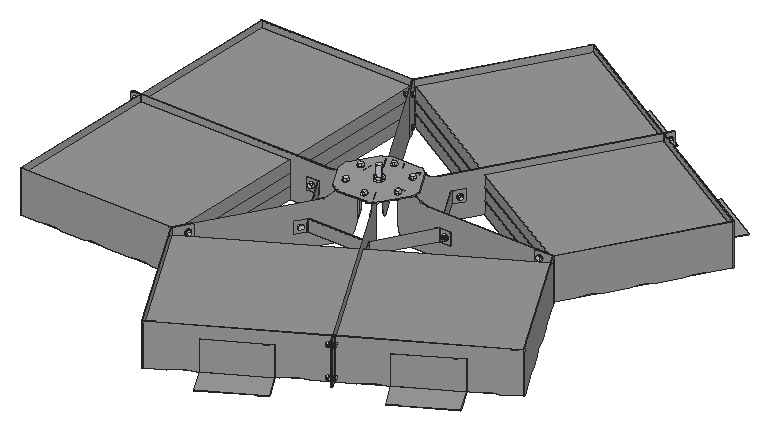
Revit family "ROTHOB_Rothoblaas_FallProtection_BLOCK", category Specialty Equipment, host Face, Revit 2022 (continued)
Definition of nested family "ROTHOB_Rothoblaas_FallProtection_BLOCK_Connection"
  Forms (mm)
    Sweep 6, solid, material <- "Material", detail levels fine
      profile origin (-103.69, -175.097, 70) x (-0.866025, 0.5, 0) y (-0.5, -0.866025, 0)
        loop
          line (0, 0) -> (-1.508, 0)
          arc (-1.508, 0) -> (-1.251, -1.235) -> (-0.403, -2.168) r 2.396
          line (-0.403, -2.168) -> (0.349, -0.866)
          arc (0.349, -0.866) -> (0.053, -0.482) -> (0, 0) r 0.896
  Cuts and joins
    joined: Extrusion 2, Extrusion 3, Sweep 5, Sweep 6
  Lines and regions (mm)
    model lines, detail levels coarse+medium
      curve 1: line (-119.169, -204.907, 90) -> (-101.626, -174.521, 90)
      curve 2: line (-101.626, -174.521, 50) -> (-119.169, -204.907, 50)
      curve 3: arc (-119.169, -204.907, 50) -> (-120.937, -207.969, 51.464) -> (-121.669, -209.238, 55) r 5
      curve 4: line (-121.669, -209.238, 55) -> (-121.669, -209.238, 85)
      curve 5: arc (-121.669, -209.238, 85) -> (-120.937, -207.969, 88.536) -> (-119.169, -204.907, 90) r 5
      curve 6: arc (-110.419, -189.752, 70) -> (-112.669, -193.649, 65.5) -> (-114.919, -197.546, 70) r 4.5
      curve 7: arc (-114.919, -197.546, 70) -> (-112.669, -193.649, 74.5) -> (-110.419, -189.752, 70) r 4.5
      curve 8: line (-101.626, -174.521, 90) -> (-201.952, -0.75, 90)
      curve 9: line (-201.952, -0.75, 50) -> (-101.626, -174.521, 50)
      curve 10: line (-241.954, -0.75, 85) -> (-241.954, -0.75, 55)
      curve 11: arc (-241.954, -0.75, 55) -> (-240.49, -0.75, 51.464) -> (-236.954, -0.75, 50) r 5
      curve 12: line (-236.954, -0.75, 50) -> (-201.952, -0.75, 50)
      curve 13: line (-201.952, -0.75, 90) -> (-236.954, -0.75, 90)
      curve 14: arc (-236.954, -0.75, 90) -> (-240.49, -0.75, 88.536) -> (-241.954, -0.75, 85) r 5
      curve 15: arc (-228.454, -0.75, 70) -> (-223.954, -0.75, 65.5) -> (-219.454, -0.75, 70) r 4.5
      curve 16: arc (-219.454, -0.75, 70) -> (-223.954, -0.75, 74.5) -> (-228.454, -0.75, 70) r 4.5
      curve 19: line (-101.626, -174.521, 50) -> (-101.626, -174.521, 90)
      curve 20: line (-201.952, -0.75, 50) -> (-201.952, -0.75, 90)
    sketch lines
      curve 17: line (-203.398, -2.25, 50) -> (-203.398, -2.25, 90)
      curve 18: line (-103.69, -175.097, 90) -> (-103.69, -175.097, 50)
  Dimensions and locks
    plane 11 to level = 50.00 mm
    plane 12 to plane 11 = 40.00 mm
    equal spacing: plane 12, plane 13, plane 11
    "D holes": diameter of Extrusion 2 sketch curve
    "D holes": diameter of Extrusion 4 sketch curve
    aligned and locked: plane 2 to Extrusion 1
    aligned and locked: level to Extrusion 1
    aligned and locked: Extrusion 2 to plane 5 "Long strut"
    aligned and locked: plane 8 to Extrusion 2
    aligned and locked: Extrusion 3 to plane 7 "Connection plane"
    aligned and locked: plane 9 to Extrusion 3
    aligned and locked: Extrusion 4 to plane 6 "Short strut"
    aligned and locked: plane 10 to Extrusion 4
    aligned and locked: plane 15 to Extrusion 2 sketch curve
    aligned and locked: plane 13 to Extrusion 2 sketch curve
    aligned and locked: plane 14 to Extrusion 4 sketch curve
    aligned and locked: plane 13 to Extrusion 4 sketch curve
  Automatic sketch dimensions
    Extrusion 1 sketch curve to Extrusion 1 sketch curve = 2438.40 mm  (x2)
    Extrusion 3 sketch curve to plane 12 = 0.00 mm
    Extrusion 3 sketch curve to plane 11 = 0.00 mm
    Extrusion 3 sketch curve to Extrusion 3 sketch curve = 197.945 mm
    plane 13 to curve 7 = 0.00 mm
    curve 7 to plane 14 = 0.00 mm
    curve 2 to plane 14 = 22.087 mm
    curve 5 to plane 12 = 5.00 mm
    plane 14 to curve 5 = 13.00 mm
    curve 2 to curve 3 = 5.00 mm
    curve 6 to curve 6 = 4.50 mm
    curve 12 to plane 11 = 0.00 mm
    curve 15 to plane 13 = 0.00 mm
    curve 16 to plane 15 = 0.00 mm
    curve 13 to plane 15 = 13.00 mm
    plane 11 to curve 11 = 5.00 mm
    curve 11 to plane 15 = 13.00 mm
    curve 16 to plane 15 = 4.50 mm
    Sweep 5 sketch curve to profile plane = 0.00 mm  (x2)
    profile plane to Sweep 5 sketch curve = 0.009 mm
    Sweep 5 sketch curve to profile plane = 0.988 mm
    profile plane to Sweep 5 sketch curve = 0.254 mm
    Sweep 5 sketch curve to profile plane = 0.496 mm
    Sweep 5 sketch curve to Sweep 5 sketch curve = 1.299 mm
    Sweep 5 sketch curve to Sweep 5 sketch curve = 0.00 mm  (x2)
    Sweep 6 sketch curve to profile plane = 0.00 mm  (x2)
    profile plane to Sweep 6 sketch curve = 0.147 mm
    profile plane to Sweep 6 sketch curve = 0.883 mm
    Sweep 6 sketch curve to profile plane = 0.403 mm
    profile plane to Sweep 6 sketch curve = 0.349 mm
    Sweep 6 sketch curve to Sweep 6 sketch curve = 1.302 mm
    Sweep 6 sketch curve to Sweep 6 sketch curve = 0.00 mm  (x2)
    curve 13 to plane 12 = 0.00 mm
    plane 15 to curve 12 = 22.002 mm
    plane 15 to curve 13 = 22.002 mm
    plane 11 to curve 3 = 0.00 mm
    plane 12 to curve 1 = 0.00 mm
    curve 1 to plane 14 = 22.087 mm
    curve 20 to plane 11 = 0.00 mm
    curve 20 to plane 12 = 0.00 mm
    curve 20 to curve 8 = 200.653 mm
    Extrusion 2 sketch curve to plane 11 = 0.00 mm
    Extrusion 2 sketch curve to plane 12 = 0.00 mm
    Extrusion 2 sketch curve to plane 15 = 13.00 mm  (x2)
    plane 11 to Extrusion 2 sketch curve = 5.00 mm
    plane 15 to Extrusion 2 sketch curve = 20.557 mm
    plane 11 to Extrusion 4 sketch curve = 0.00 mm
    plane 12 to Extrusion 4 sketch curve = 0.00 mm
    Extrusion 4 sketch curve to plane 14 = 20.557 mm
    plane 14 to Extrusion 4 sketch curve = 13.00 mm  (x2)
    Extrusion 4 sketch curve to plane 12 = 5.00 mm
  Nested families
    nested 1: "Generic Bolt with flange_M8" at (-223.954, -2.25, 70) x (1, 0, 0) z (0, -1, 0), type "M8_L20", detail levels fine
      with Fastening_Lenght 4.50 mm
  Definition of nested family "Generic Bolt with flange_M8"
    Parameters (values of type "M8_L20")
      Nut_h = 3.50 mm
      Nut_Mf = 3.00 mm
      Nut_M = 7.60 mm
      Nut = yes
      Material = none
      Fastening_Lenght [instance] = 4.50 mm
      Default Elevation = 1219.20 mm
      Bolt_Lenght = 20.00 mm
      Bolt_Head_h = 2.00 mm
      Bolt_Head_X = 13.00 mm
      Bolt_Head_H = 8.10 mm
      Bolt_Head_D = 18.00 mm
      Bolt_D = 8.00 mm
    Reference planes
      plane 1 "Center (Front/Back)": y = 0
      plane 2: z = 0
      plane 3 "Center (Left/Right)": x = 0
      plane 4: x = -6.5
      plane 5: x = 6.5
      plane 6: z = 2
      plane 7: z = 8.1
      plane 8: x = -9
      plane 9: x = 9
      plane 10: z = -20
      plane 11: z = -7.5
      plane 12: z = -4.5
      plane 13: z = -12.1
      plane 14: z = -15.6
    Forms (mm)
      Extrusion 1, solid
        sketch origin (0, 0, 0) x (1, 0, 0) y (0, 1, 0)
          loop
            line (-1219.2, 1219.2) -> (-1219.2, -1219.2) -> (1219.2, -1219.2) -> (1219.2, 1219.2) -> (-1219.2, 1219.2)
        from 0 to -304.8
      Extrusion 2, solid, material <- "Material"
        sketch origin (0, 0, 0) x (1, 0, 0) y (0, 1, 0)
          loop
            line (6.5, 3.753) -> (0, 7.506) -> (-6.5, 3.753) -> (-6.5, -3.753) -> (0, -7.506) -> (6.5, -3.753) -> (6.5, 3.753)
        from 0 to 8.1
      Revolve 3, solid, material <- "Material"
        sketch origin (0, 0, 0) x (1, 0, 0) y (0, 0, 1)
          loop
            line (0, 0) -> (9, 0) -> (6.5, 2) -> (0, 2) -> (0, 0)
          axis (0, 0) -> (0, 2)
        angle from 0 to 360
      Extrusion 4, solid, material <- "Material"
        sketch origin (0, 0, 0) x (1, 0, 0) y (0, 1, 0)
          loop
            circle (0, 0) r 4
        from -20 to 0
      Extrusion 5, solid, material <- "Material", visible <- "Nut"
        sketch origin (0, 0, 0) x (1, 0, 0) y (0, 1, 0)
          loop
            line (6.5, 3.753) -> (0, 7.506) -> (-6.5, 3.753) -> (-6.5, -3.753) -> (0, -7.506) -> (6.5, -3.753) -> (6.5, 3.753)
          loop
            circle (0, 0) r 4
        from -12.1 to -4.5
      Revolve 6, solid, material <- "Material", visible <- "Nut"
        sketch origin (0, 0, 0) x (1, 0, 0) y (0, 0, 1)
          loop
            line (0, -7.5) -> (6.5, -7.5) -> (9, -4.5) -> (0, -4.5) -> (0, -7.5)
          axis (0, -7.5) -> (0, -4.5)
        angle from 0 to 360
      Extrusion 7, solid, material <- "Material", visible <- "Nut"
        sketch origin (0, 0, 0) x (1, 0, 0) y (0, 1, 0)
          loop
            circle (0, 0) r 6.5
          loop
            circle (0, 0) r 4
        from -15.6 to -12.1
    Cuts and joins
      joined: Extrusion 2, Revolve 3
      joined: Extrusion 5, Revolve 6
    Dimensions and locks
      equal spacing: plane 4, plane 3 "Center (Left/Right)", plane 5
      "Bolt_Head_X": plane 4 to plane 5
      "Bolt_Head_h": plane 6 to level
      "Bolt_Head_H": plane 7 to level
      equal spacing: plane 8, plane 3 "Center (Left/Right)", plane 9
      "Bolt_Head_D": plane 8 to plane 9
      "Bolt_Lenght": level to plane 10
      "Nut_M": plane 12 to plane 13
      "Nut_h": plane 13 to plane 14
      "Nut_Mf": plane 12 to plane 11
      "Fastening_Lenght": level to plane 12
      "Bolt_D": diameter of Extrusion 4 sketch curve
      "Bolt_D": diameter of Extrusion 5 sketch curve
      "Bolt_D": diameter of Extrusion 7 sketch curve
      "Bolt_Head_X": diameter of Extrusion 7 sketch curve
      aligned and locked: plane 2 to Extrusion 1
      aligned and locked: level to Extrusion 1
      aligned and locked: Extrusion 2 to level
      aligned and locked: plane 7 to Extrusion 2
      aligned and locked: plane 3 "Center (Left/Right)" to Revolve 3 sketch curve
      aligned and locked: Revolve 3 sketch curve to plane 3 "Center (Left/Right)"
      aligned and locked: plane 6 to Revolve 3 sketch curve
      aligned and locked: Revolve 3 sketch curve to level
      aligned and locked: plane 9 to Revolve 3 sketch curve
      aligned and locked: plane 5 to Revolve 3 sketch curve
      aligned and locked: plane 3 "Center (Left/Right)" to Extrusion 4 sketch curve
      aligned and locked: plane 1 "Center (Front/Back)" to Extrusion 4 sketch curve
      aligned and locked: level to Extrusion 4
      aligned and locked: Extrusion 4 to plane 10
      aligned and locked: plane 12 to Extrusion 5
      aligned and locked: Extrusion 5 to plane 13
      aligned and locked: plane 3 "Center (Left/Right)" to Extrusion 5 sketch curve
      aligned and locked: plane 1 "Center (Front/Back)" to Extrusion 5 sketch curve
      aligned and locked: plane 3 "Center (Left/Right)" to Revolve 6 sketch curve
      aligned and locked: Revolve 6 sketch curve to plane 3 "Center (Left/Right)"
      aligned and locked: plane 12 to Revolve 6 sketch curve
      aligned and locked: Revolve 6 sketch curve to plane 11
      aligned and locked: plane 5 to Revolve 6 sketch curve
      aligned and locked: plane 9 to Revolve 6 sketch curve
      aligned and locked: plane 3 "Center (Left/Right)" to Extrusion 7 sketch curve  (x2)
      aligned and locked: plane 1 "Center (Front/Back)" to Extrusion 7 sketch curve  (x2)
      aligned and locked: plane 13 to Extrusion 7
      aligned and locked: Extrusion 7 to plane 14
    Automatic sketch dimensions
      Extrusion 1 sketch curve to Extrusion 1 sketch curve = 2438.40 mm  (x2)
      plane 10 to Revolve 3 sketch curve = 7.97 mm
      plane 7 to Revolve 3 sketch curve = 4.87 mm
      Revolve 6 sketch curve to plane 10 = 2.726 mm
      plane 12 to Revolve 6 sketch curve = 1.045 mm
      Extrusion 5 sketch curve to plane 4 = 0.00 mm
      Extrusion 5 sketch curve to plane 3 "Center (Left/Right)" = 0.00 mm  (x2)
      Extrusion 5 sketch curve to plane 5 = 0.00 mm
      plane 1 "Center (Front/Back)" to Extrusion 5 sketch curve = 3.753 mm  (x2)
      Extrusion 5 sketch curve to Extrusion 5 sketch curve = 3.753 mm
      Extrusion 5 sketch curve to plane 1 "Center (Front/Back)" = 3.753 mm  (x2)
      Extrusion 5 sketch curve to plane 1 "Center (Front/Back)" = 7.506 mm
Definition of nested family "ROTHOB_Rothoblaas_FallProtection_BLOCK_MainPlate"
  Parameters (values of type "ROTHOB_Rothoblaas_FallProtection_BLOCK_MainPlate")
    Material = none
    MainPlate_Thickness = 3.00 mm
    Default Elevation = 1219.20 mm
    D external holes = 9.00 mm
    D central hole = 17.00 mm
  Reference planes
    plane 1 "Center (Front/Back)": y = 0
    plane 2: z = 0
    plane 3 "Center (Left/Right)": x = 0
    plane 4: z = 3
    plane 5: x = -18.491
    plane 6: y = 86.035
    plane 7: x = -83.754
    plane 8: y = 27.004
    plane 9: x = -65.263
    plane 10: y = -59.032
    plane 11: x = 18.491
    plane 12: y = -86.035
    plane 13: x = 83.754
    plane 14: y = -27.004
    plane 15: x = 65.263
    plane 16: y = 59.032
  Forms (mm)
    Extrusion 1, solid
      sketch origin (0, 0, 0) x (1, 0, 0) y (0, 1, 0)
        loop
          line (-1219.2, 1219.2) -> (-1219.2, -1219.2) -> (1219.2, -1219.2) -> (1219.2, 1219.2) -> (-1219.2, 1219.2)
      from 0 to -304.8
    Extrusion 2, solid, material <- "Material", detail levels fine
      sketch origin (0, 0, 0) x (1, 0, 0) y (0, 1, 0)
        loop
          line (76.141, -98.12) -> (123.045, -16.88)
          arc (123.045, -16.88) -> (123.897, -14.964) -> (124.331, -12.913) r 10
          arc (124.331, -12.913) -> (125, 0) -> (124.331, 12.913) r 125
          arc (124.331, 12.913) -> (123.897, 14.964) -> (123.045, 16.88) r 10
          line (123.045, 16.88) -> (76.141, 98.12)
          arc (76.141, 98.12) -> (74.908, 99.816) -> (73.348, 101.218) r 10
          arc (73.348, 101.218) -> (62.5, 108.253) -> (50.983, 114.13) r 125
          arc (50.983, 114.13) -> (48.989, 114.78) -> (46.904, 115) r 10
          line (46.904, 115) -> (-46.904, 115)
          arc (-46.904, 115) -> (-48.989, 114.78) -> (-50.983, 114.13) r 10
          arc (-50.983, 114.13) -> (-62.5, 108.253) -> (-73.348, 101.218) r 125
          arc (-73.348, 101.218) -> (-74.908, 99.816) -> (-76.141, 98.12) r 10
          line (-76.141, 98.12) -> (-123.045, 16.88)
          arc (-123.045, 16.88) -> (-123.897, 14.964) -> (-124.331, 12.913) r 10
          arc (-124.331, 12.913) -> (-125, 0) -> (-124.331, -12.913) r 125
          arc (-124.331, -12.913) -> (-123.897, -14.964) -> (-123.045, -16.88) r 10
          line (-123.045, -16.88) -> (-76.141, -98.12)
          arc (-76.141, -98.12) -> (-74.908, -99.816) -> (-73.348, -101.218) r 10
          arc (-73.348, -101.218) -> (-62.5, -108.253) -> (-50.983, -114.13) r 125
          arc (-50.983, -114.13) -> (-48.989, -114.78) -> (-46.904, -115) r 10
          line (-46.904, -115) -> (46.904, -115)
          arc (46.904, -115) -> (48.989, -114.78) -> (50.983, -114.13) r 10
          arc (50.983, -114.13) -> (62.5, -108.253) -> (73.348, -101.218) r 125
          arc (73.348, -101.218) -> (74.908, -99.816) -> (76.141, -98.12) r 10
        loop
          circle (0, 0) r 8.5
        loop
          circle (-18.491, 86.035) r 4.5
        loop
          circle (-83.754, 27.004) r 4.5
        loop
          circle (65.263, 59.032) r 4.5
        loop
          circle (83.754, -27.004) r 4.5
        loop
          circle (18.491, -86.035) r 4.5
        loop
          circle (-65.263, -59.032) r 4.5
      from 0 to 3
  Lines and regions (mm)
    model lines, detail levels coarse+medium
      curve 1: arc (-18.491, 90.535, 0) -> (-22.991, 86.035, 0) -> (-18.491, 81.535, 0) r 4.5
      curve 2: arc (-18.491, 81.535, 0) -> (-13.991, 86.035, 0) -> (-18.491, 90.535, 0) r 4.5
      curve 3: arc (65.263, 63.532, 0) -> (60.763, 59.032, 0) -> (65.263, 54.532, 0) r 4.5
      curve 4: arc (65.263, 54.532, 0) -> (69.763, 59.032, 0) -> (65.263, 63.532, 0) r 4.5
      curve 5: arc (83.754, -22.504, 0) -> (79.254, -27.004, 0) -> (83.754, -31.504, 0) r 4.5
      curve 6: arc (83.754, -31.504, 0) -> (88.254, -27.004, 0) -> (83.754, -22.504, 0) r 4.5
      curve 7: arc (18.491, -81.535, 0) -> (13.991, -86.035, 0) -> (18.491, -90.535, 0) r 4.5
      curve 8: arc (18.491, -90.535, 0) -> (22.991, -86.035, 0) -> (18.491, -81.535, 0) r 4.5
      curve 9: arc (-65.263, -54.532, 0) -> (-69.763, -59.032, 0) -> (-65.263, -63.532, 0) r 4.5
      curve 10: arc (-65.263, -63.532, 0) -> (-60.763, -59.032, 0) -> (-65.263, -54.532, 0) r 4.5
      curve 11: arc (-83.754, 31.504, 0) -> (-88.254, 27.004, 0) -> (-83.754, 22.504, 0) r 4.5
      curve 12: arc (-83.754, 22.504, 0) -> (-79.254, 27.004, 0) -> (-83.754, 31.504, 0) r 4.5
      curve 13: arc (0, 8.5, 0) -> (-8.5, 0, 0) -> (0, -8.5, 0) r 8.5
      curve 14: arc (0, -8.5, 0) -> (8.5, 0, 0) -> (0, 8.5, 0) r 8.5
      curve 15: line (-76.141, 98.12, 0) -> (-123.045, 16.88, 0)
      curve 16: arc (-123.045, 16.88, 0) -> (-123.897, 14.964, 0) -> (-124.331, 12.913, 0) r 10
      curve 17: arc (-124.331, 12.913, 0) -> (-125, 0, 0) -> (-124.331, -12.913, 0) r 125
      curve 18: arc (-124.331, -12.913, 0) -> (-123.897, -14.964, 0) -> (-123.045, -16.88, 0) r 10
      curve 19: line (-123.045, -16.88, 0) -> (-76.141, -98.12, 0)
      curve 20: arc (-76.141, -98.12, 0) -> (-74.908, -99.816, 0) -> (-73.348, -101.218, 0) r 10
      curve 21: arc (-73.348, -101.218, 0) -> (-62.5, -108.253, 0) -> (-50.983, -114.13, 0) r 125
      curve 22: arc (-50.983, -114.13, 0) -> (-48.989, -114.78, 0) -> (-46.904, -115, 0) r 10
      curve 23: line (-46.904, -115, 0) -> (46.904, -115, 0)
      curve 24: arc (46.904, -115, 0) -> (48.989, -114.78, 0) -> (50.983, -114.13, 0) r 10
      curve 25: arc (50.983, -114.13, 0) -> (62.5, -108.253, 0) -> (73.348, -101.218, 0) r 125
      curve 26: arc (73.348, -101.218, 0) -> (74.908, -99.816, 0) -> (76.141, -98.12, 0) r 10
      curve 27: line (76.141, -98.12, 0) -> (123.045, -16.88, 0)
      curve 28: arc (123.045, -16.88, 0) -> (123.897, -14.964, 0) -> (124.331, -12.913, 0) r 10
      curve 29: arc (124.331, -12.913, 0) -> (125, 0, 0) -> (124.331, 12.913, 0) r 125
      curve 30: arc (124.331, 12.913, 0) -> (123.897, 14.964, 0) -> (123.045, 16.88, 0) r 10
      curve 31: line (123.045, 16.88, 0) -> (76.141, 98.12, 0)
      curve 32: arc (76.141, 98.12, 0) -> (74.908, 99.816, 0) -> (73.348, 101.218, 0) r 10
      curve 33: arc (73.348, 101.218, 0) -> (62.5, 108.253, 0) -> (50.983, 114.13, 0) r 125
      curve 34: arc (50.983, 114.13, 0) -> (48.989, 114.78, 0) -> (46.904, 115, 0) r 10
      curve 35: line (46.904, 115, 0) -> (-46.904, 115, 0)
      curve 36: arc (-46.904, 115, 0) -> (-48.989, 114.78, 0) -> (-50.983, 114.13, 0) r 10
      curve 37: arc (-50.983, 114.13, 0) -> (-62.5, 108.253, 0) -> (-73.348, 101.218, 0) r 125
      curve 38: arc (-73.348, 101.218, 0) -> (-74.908, 99.816, 0) -> (-76.141, 98.12, 0) r 10
  Dimensions and locks
    "MainPlate_Thickness": plane 4 to level
    "D central hole": diameter of Extrusion 2 sketch curve
    "D external holes": diameter of Extrusion 2 sketch curve  (x6)
    aligned and locked: plane 2 to Extrusion 1
    aligned and locked: level to Extrusion 1
    aligned and locked: Extrusion 2 to level
    aligned and locked: plane 4 to Extrusion 2
    aligned and locked: plane 3 "Center (Left/Right)" to Extrusion 2 sketch curve
    aligned and locked: plane 1 "Center (Front/Back)" to Extrusion 2 sketch curve
    aligned and locked: plane 14 to Extrusion 2 sketch curve
    aligned and locked: plane 13 to Extrusion 2 sketch curve
    aligned and locked: plane 11 to Extrusion 2 sketch curve
    aligned and locked: plane 12 to Extrusion 2 sketch curve
    aligned and locked: plane 9 to Extrusion 2 sketch curve
    aligned and locked: plane 10 to Extrusion 2 sketch curve
    aligned and locked: plane 7 to Extrusion 2 sketch curve
    aligned and locked: plane 8 to Extrusion 2 sketch curve
    aligned and locked: plane 5 to Extrusion 2 sketch curve
    aligned and locked: plane 6 to Extrusion 2 sketch curve
    aligned and locked: plane 16 to Extrusion 2 sketch curve
    aligned and locked: plane 15 to Extrusion 2 sketch curve
    aligned and locked: plane 3 "Center (Left/Right)" to nested 1
    aligned and locked: nested 1 to plane 1 "Center (Front/Back)"
    aligned and locked: plane 11 to nested 2
    aligned and locked: nested 2 to plane 12
    aligned and locked: plane 13 to nested 3
    aligned and locked: nested 3 to plane 14
    aligned and locked: plane 15 to nested 4
    aligned and locked: nested 4 to plane 16
    aligned and locked: plane 5 to nested 5
    aligned and locked: nested 5 to plane 6
    aligned and locked: plane 7 to nested 6
    aligned and locked: nested 6 to plane 8
    aligned and locked: nested 7 to plane 10
    aligned and locked: plane 9 to nested 7
  Automatic sketch dimensions
    Extrusion 1 sketch curve to Extrusion 1 sketch curve = 2438.40 mm  (x2)
    curve 2 to plane 3 "Center (Left/Right)" = 18.491 mm
    curve 13 to plane 3 "Center (Left/Right)" = 0.00 mm
    plane 1 "Center (Front/Back)" to curve 14 = 0.00 mm
    curve 9 to plane 3 "Center (Left/Right)" = 65.263 mm
    curve 11 to plane 1 "Center (Front/Back)" = 27.004 mm
    curve 11 to plane 3 "Center (Left/Right)" = 83.754 mm
    plane 3 "Center (Left/Right)" to curve 7 = 18.491 mm
    plane 3 "Center (Left/Right)" to curve 4 = 65.263 mm
    plane 3 "Center (Left/Right)" to curve 5 = 83.754 mm
    plane 1 "Center (Front/Back)" to curve 9 = 59.032 mm
    plane 1 "Center (Front/Back)" to curve 8 = 86.035 mm
    curve 3 to plane 1 "Center (Front/Back)" = 59.032 mm
    curve 2 to plane 1 "Center (Front/Back)" = 86.035 mm
    curve 9 to curve 9 = 4.50 mm
    curve 5 to plane 1 "Center (Front/Back)" = 27.004 mm
    plane 1 "Center (Front/Back)" to curve 13 = 8.50 mm
    curve 2 to curve 1 = 4.50 mm
    curve 12 to curve 11 = 4.50 mm
    curve 3 to curve 3 = 4.50 mm
    curve 6 to curve 5 = 4.50 mm
    curve 8 to curve 7 = 4.50 mm
    curve 13 to curve 17 = 0.00 mm  (x2)
    curve 13 to curve 21 = 0.00 mm  (x2)
    curve 13 to curve 25 = 0.00 mm  (x2)
    curve 13 to curve 29 = 0.00 mm  (x2)
    curve 13 to curve 33 = 0.00 mm  (x2)
    curve 13 to curve 37 = 0.00 mm  (x2)
    curve 18 to plane 7 = 30.63 mm
    curve 16 to curve 18 = 0.00 mm
    plane 14 to curve 19 = 10.124 mm
    curve 19 to curve 18 = 8.66 mm
    curve 15 to plane 8 = 10.124 mm
    curve 15 to curve 16 = 8.66 mm
    plane 7 to curve 19 = 7.614 mm
    plane 7 to curve 15 = 7.614 mm
    curve 38 to plane 9 = 2.218 mm
    curve 20 to plane 9 = 2.218 mm
    plane 9 to curve 35 = 18.359 mm
    plane 9 to curve 22 = 18.359 mm
    curve 24 to plane 15 = 18.359 mm
    curve 34 to plane 15 = 18.359 mm
    plane 15 to curve 26 = 2.218 mm
    plane 15 to curve 32 = 2.218 mm
    curve 31 to plane 13 = 7.614 mm
    curve 27 to plane 13 = 7.614 mm
    plane 1 "Center (Front/Back)" to curve 28 = 11.88 mm
    plane 13 to curve 28 = 30.63 mm
    curve 30 to curve 28 = 0.00 mm
    curve 31 to plane 8 = 10.124 mm
    curve 30 to curve 31 = 8.66 mm
    plane 14 to curve 27 = 10.124 mm
    curve 28 to curve 27 = 8.66 mm
    curve 26 to plane 12 = 7.085 mm
    curve 20 to plane 12 = 7.085 mm
    curve 19 to curve 20 = 5.00 mm
    curve 27 to curve 26 = 5.00 mm
    curve 22 to plane 12 = 18.965 mm
    curve 24 to plane 12 = 18.965 mm
    curve 23 to curve 24 = 10.00 mm
    curve 18 to curve 18 = 5.00 mm
    curve 16 to curve 15 = 5.00 mm
    curve 30 to curve 31 = 5.00 mm
    plane 6 to curve 38 = 7.085 mm
    plane 6 to curve 32 = 7.085 mm
    curve 32 to curve 31 = 5.00 mm
    curve 38 to curve 15 = 5.00 mm
    plane 6 to curve 36 = 18.965 mm
    plane 6 to curve 34 = 18.965 mm
    curve 36 to curve 35 = 10.00 mm
    curve 17 to curve 18 = 0.00 mm
    curve 37 to curve 38 = 0.00 mm
    curve 21 to curve 20 = 0.00 mm
    curve 33 to curve 34 = 0.00 mm
    curve 25 to curve 24 = 0.00 mm
    curve 29 to curve 28 = 0.00 mm
    Extrusion 2 sketch curve to Extrusion 2 sketch curve = 0.00 mm  (x20)
    Extrusion 2 sketch curve to plane 1 "Center (Front/Back)" = 11.88 mm
    Extrusion 2 sketch curve to plane 7 = 30.63 mm
    plane 14 to Extrusion 2 sketch curve = 10.124 mm  (x2)
    Extrusion 2 sketch curve to Extrusion 2 sketch curve = 8.66 mm  (x4)
    Extrusion 2 sketch curve to plane 8 = 10.124 mm  (x2)
    plane 7 to Extrusion 2 sketch curve = 7.614 mm  (x2)
    Extrusion 2 sketch curve to plane 9 = 2.218 mm  (x2)
    plane 9 to Extrusion 2 sketch curve = 18.359 mm  (x2)
    Extrusion 2 sketch curve to plane 15 = 18.359 mm  (x2)
    plane 15 to Extrusion 2 sketch curve = 2.218 mm  (x2)
    Extrusion 2 sketch curve to plane 13 = 7.614 mm  (x2)
    plane 13 to Extrusion 2 sketch curve = 30.63 mm
    Extrusion 2 sketch curve to plane 12 = 7.085 mm  (x2)
    Extrusion 2 sketch curve to Extrusion 2 sketch curve = 5.00 mm  (x7)
    Extrusion 2 sketch curve to plane 12 = 18.965 mm  (x2)
    Extrusion 2 sketch curve to Extrusion 2 sketch curve = 10.00 mm  (x2)
    plane 6 to Extrusion 2 sketch curve = 7.085 mm  (x2)
    plane 6 to Extrusion 2 sketch curve = 18.965 mm  (x2)
  Nested families
    nested 1: "Generic Bolt_M16" at (0, 0, 0) x (1, 0, 0) z (0, 0, -1), type "M16_L50"
      with Fastening_Lenght 3.00 mm
    nested 2: "Generic Bolt with flange_M8" at (18.491, -86.035, 3), type "M8_L20", detail levels fine
      with Fastening_Lenght 4.50 mm
    nested 3: "Generic Bolt with flange_M8" at (83.754, -27.004, 3), type "M8_L20", detail levels fine
      with Fastening_Lenght 4.50 mm
    nested 4: "Generic Bolt with flange_M8" at (65.263, 59.032, 3), type "M8_L20", detail levels fine
      with Fastening_Lenght 4.50 mm
    nested 5: "Generic Bolt with flange_M8" at (-18.491, 86.035, 3), type "M8_L20", detail levels fine
      with Fastening_Lenght 4.50 mm
    nested 6: "Generic Bolt with flange_M8" at (-83.754, 27.004, 3), type "M8_L20", detail levels fine
      with Fastening_Lenght 4.50 mm
    nested 7: "Generic Bolt with flange_M8" at (-65.263, -59.032, 3), type "M8_L20", detail levels fine
      with Fastening_Lenght 4.50 mm
  Definition of nested family "Generic Bolt_M16"
    Parameters (values of type "M16_L50")
      Washer1_d = 17.00 mm
      Washer1_S = 3.00 mm
      Washer1_D = 30.00 mm
      Washer2_d = 17.00 mm
      Washer2_S = 3.00 mm
      Washer2_D = 30.00 mm
      Washer2 = yes
      Washer1 = yes
      Nut_S = 8.00 mm
      Nut = yes
      Material = none
      Fastening_Lenght [instance] = 4.50 mm
      Default Elevation = 1219.20 mm
      Bolt_Lenght = 50.00 mm
      Bolt_Head_X = 24.00 mm
      Bolt_Head_S = 10.00 mm
      Bolt_D = 16.00 mm
    Reference planes
      plane 1 "Center (Front/Back)": y = 0
      plane 2: z = 0
      plane 3 "Center (Left/Right)": x = 0
      plane 4: z = 3
      plane 5: z = -4.5
      plane 6: z = -7.5
      plane 7: z = 13
      plane 8: z = -47
      plane 9: z = -15.5
      plane 10: x = -12
      plane 11: x = 12
    Forms (mm)
      Extrusion 1, solid
        sketch origin (0, 0, 0) x (1, 0, 0) y (0, 1, 0)
          loop
            line (-1219.2, 1219.2) -> (-1219.2, -1219.2) -> (1219.2, -1219.2) -> (1219.2, 1219.2) -> (-1219.2, 1219.2)
        from 0 to -304.8
      Extrusion 2, solid, material <- "Material", visible <- "Washer1", detail levels fine
        sketch origin (0, 0, 0) x (1, 0, 0) y (0, 1, 0)
          loop
            circle (0, 0) r 8.5
          loop
            circle (0, 0) r 15
        from 0 to 3
      Extrusion 3, solid, material <- "Material", visible <- "Washer2", detail levels fine
        sketch origin (0, 0, 0) x (1, 0, 0) y (0, 1, 0)
          loop
            circle (0, 0) r 8.5
          loop
            circle (0, 0) r 15
        from -7.5 to -4.5
      Extrusion 4, solid, material <- "Material", detail levels fine
        sketch origin (0, 0, 0) x (1, 0, 0) y (0, 1, 0)
          loop
            line (12, 6.928) -> (0, 13.856) -> (-12, 6.928) -> (-12, -6.928) -> (0, -13.856) -> (12, -6.928) -> (12, 6.928)
        from 3 to 13
      Extrusion 5, solid, material <- "Material", detail levels fine
        sketch origin (0, 0, 0) x (1, 0, 0) y (0, 1, 0)
          loop
            circle (0, 0) r 8
        from -47 to 3
      Extrusion 6, solid, material <- "Material", visible <- "Nut", detail levels fine
        sketch origin (0, 0, 0) x (1, 0, 0) y (0, 1, 0)
          loop
            line (12, 6.928) -> (0, 13.856) -> (-12, 6.928) -> (-12, -6.928) -> (0, -13.856) -> (12, -6.928) -> (12, 6.928)
          loop
            circle (0, 0) r 8
        from -15.5 to -7.5
    Dimensions and locks
      "Washer1_S": plane 4 to plane 2
      "Fastening_Lenght": level to plane 5
      "Washer2_S": plane 5 to plane 6
      "Bolt_Head_S": plane 7 to plane 4
      "Bolt_Lenght": plane 4 to plane 8
      "Nut_S": plane 6 to plane 9
      equal spacing: plane 10, plane 3 "Center (Left/Right)", plane 11
      "Bolt_Head_X": plane 10 to plane 11
      "Washer1_d": diameter of Extrusion 2 sketch curve
      "Washer1_D": diameter of Extrusion 2 sketch curve
      "Washer2_d": diameter of Extrusion 3 sketch curve
      "Washer2_D": diameter of Extrusion 3 sketch curve
      "Bolt_D": diameter of Extrusion 5 sketch curve
      "Bolt_D": diameter of Extrusion 6 sketch curve
      aligned and locked: plane 2 to Extrusion 1
      aligned and locked: level to Extrusion 1
      aligned and locked: plane 3 "Center (Left/Right)" to Extrusion 2 sketch curve  (x2)
      aligned and locked: plane 1 "Center (Front/Back)" to Extrusion 2 sketch curve  (x2)
      aligned and locked: Extrusion 2 to level
      aligned and locked: plane 4 to Extrusion 2
      aligned and locked: Extrusion 3 to plane 6
      aligned and locked: plane 5 to Extrusion 3
      aligned and locked: Extrusion 4 to plane 4
      aligned and locked: plane 7 to Extrusion 4
      aligned and locked: plane 3 "Center (Left/Right)" to Extrusion 5 sketch curve
      aligned and locked: plane 1 "Center (Front/Back)" to Extrusion 5 sketch curve
      aligned and locked: plane 4 to Extrusion 5
      aligned and locked: Extrusion 5 to plane 8
      aligned and locked: plane 3 "Center (Left/Right)" to Extrusion 6 sketch curve
      aligned and locked: plane 1 "Center (Front/Back)" to Extrusion 6 sketch curve
      aligned and locked: Extrusion 6 to plane 9
      aligned and locked: plane 6 to Extrusion 6
    Automatic sketch dimensions
      Extrusion 1 sketch curve to Extrusion 1 sketch curve = 2438.40 mm  (x2)
      Extrusion 3 sketch curve to Extrusion 3 sketch curve = 0.00 mm  (x2)
      plane 1 "Center (Front/Back)" to Extrusion 3 sketch curve = 0.00 mm
      Extrusion 3 sketch curve to plane 3 "Center (Left/Right)" = 0.00 mm
      Extrusion 6 sketch curve to plane 10 = 0.00 mm
      Extrusion 6 sketch curve to plane 3 "Center (Left/Right)" = 0.00 mm  (x2)
      Extrusion 6 sketch curve to plane 11 = 0.00 mm
      plane 1 "Center (Front/Back)" to Extrusion 6 sketch curve = 6.928 mm  (x2)
      Extrusion 6 sketch curve to Extrusion 6 sketch curve = 6.928 mm
      Extrusion 6 sketch curve to plane 1 "Center (Front/Back)" = 6.928 mm  (x2)
      Extrusion 6 sketch curve to plane 1 "Center (Front/Back)" = 13.856 mm
  Definition of nested family "Generic Bolt with flange_M8"
    Parameters (values of type "M8_L20")
      Nut_h = 3.50 mm
      Nut_Mf = 3.00 mm
      Nut_M = 7.60 mm
      Nut = yes
      Material = none
      Fastening_Lenght [instance] = 4.50 mm
      Default Elevation = 1219.20 mm
      Bolt_Lenght = 20.00 mm
      Bolt_Head_h = 2.00 mm
      Bolt_Head_X = 13.00 mm
      Bolt_Head_H = 8.10 mm
      Bolt_Head_D = 18.00 mm
      Bolt_D = 8.00 mm
    Reference planes
      plane 1 "Center (Front/Back)": y = 0
      plane 2: z = 0
      plane 3 "Center (Left/Right)": x = 0
      plane 4: x = -6.5
      plane 5: x = 6.5
      plane 6: z = 2
      plane 7: z = 8.1
      plane 8: x = -9
      plane 9: x = 9
      plane 10: z = -20
      plane 11: z = -7.5
      plane 12: z = -4.5
      plane 13: z = -12.1
      plane 14: z = -15.6
    Forms (mm)
      Extrusion 1, solid
        sketch origin (0, 0, 0) x (1, 0, 0) y (0, 1, 0)
          loop
            line (-1219.2, 1219.2) -> (-1219.2, -1219.2) -> (1219.2, -1219.2) -> (1219.2, 1219.2) -> (-1219.2, 1219.2)
        from 0 to -304.8
      Extrusion 2, solid, material <- "Material"
        sketch origin (0, 0, 0) x (1, 0, 0) y (0, 1, 0)
          loop
            line (6.5, 3.753) -> (0, 7.506) -> (-6.5, 3.753) -> (-6.5, -3.753) -> (0, -7.506) -> (6.5, -3.753) -> (6.5, 3.753)
        from 0 to 8.1
      Revolve 3, solid, material <- "Material"
        sketch origin (0, 0, 0) x (1, 0, 0) y (0, 0, 1)
          loop
            line (0, 0) -> (9, 0) -> (6.5, 2) -> (0, 2) -> (0, 0)
          axis (0, 0) -> (0, 2)
        angle from 0 to 360
      Extrusion 4, solid, material <- "Material"
        sketch origin (0, 0, 0) x (1, 0, 0) y (0, 1, 0)
          loop
            circle (0, 0) r 4
        from -20 to 0
      Extrusion 5, solid, material <- "Material", visible <- "Nut"
        sketch origin (0, 0, 0) x (1, 0, 0) y (0, 1, 0)
          loop
            line (6.5, 3.753) -> (0, 7.506) -> (-6.5, 3.753) -> (-6.5, -3.753) -> (0, -7.506) -> (6.5, -3.753) -> (6.5, 3.753)
          loop
            circle (0, 0) r 4
        from -12.1 to -4.5
      Revolve 6, solid, material <- "Material", visible <- "Nut"
        sketch origin (0, 0, 0) x (1, 0, 0) y (0, 0, 1)
          loop
            line (0, -7.5) -> (6.5, -7.5) -> (9, -4.5) -> (0, -4.5) -> (0, -7.5)
          axis (0, -7.5) -> (0, -4.5)
        angle from 0 to 360
      Extrusion 7, solid, material <- "Material", visible <- "Nut"
        sketch origin (0, 0, 0) x (1, 0, 0) y (0, 1, 0)
          loop
            circle (0, 0) r 6.5
          loop
            circle (0, 0) r 4
        from -15.6 to -12.1
    Cuts and joins
      joined: Extrusion 2, Revolve 3
      joined: Extrusion 5, Revolve 6
    Dimensions and locks
      equal spacing: plane 4, plane 3 "Center (Left/Right)", plane 5
      "Bolt_Head_X": plane 4 to plane 5
      "Bolt_Head_h": plane 6 to level
      "Bolt_Head_H": plane 7 to level
      equal spacing: plane 8, plane 3 "Center (Left/Right)", plane 9
      "Bolt_Head_D": plane 8 to plane 9
      "Bolt_Lenght": level to plane 10
      "Nut_M": plane 12 to plane 13
      "Nut_h": plane 13 to plane 14
      "Nut_Mf": plane 12 to plane 11
      "Fastening_Lenght": level to plane 12
      "Bolt_D": diameter of Extrusion 4 sketch curve
      "Bolt_D": diameter of Extrusion 5 sketch curve
      "Bolt_D": diameter of Extrusion 7 sketch curve
      "Bolt_Head_X": diameter of Extrusion 7 sketch curve
      aligned and locked: plane 2 to Extrusion 1
      aligned and locked: level to Extrusion 1
      aligned and locked: Extrusion 2 to level
      aligned and locked: plane 7 to Extrusion 2
      aligned and locked: plane 3 "Center (Left/Right)" to Revolve 3 sketch curve
      aligned and locked: Revolve 3 sketch curve to plane 3 "Center (Left/Right)"
      aligned and locked: plane 6 to Revolve 3 sketch curve
      aligned and locked: Revolve 3 sketch curve to level
      aligned and locked: plane 9 to Revolve 3 sketch curve
      aligned and locked: plane 5 to Revolve 3 sketch curve
      aligned and locked: plane 3 "Center (Left/Right)" to Extrusion 4 sketch curve
      aligned and locked: plane 1 "Center (Front/Back)" to Extrusion 4 sketch curve
      aligned and locked: level to Extrusion 4
      aligned and locked: Extrusion 4 to plane 10
      aligned and locked: plane 12 to Extrusion 5
      aligned and locked: Extrusion 5 to plane 13
      aligned and locked: plane 3 "Center (Left/Right)" to Extrusion 5 sketch curve
      aligned and locked: plane 1 "Center (Front/Back)" to Extrusion 5 sketch curve
      aligned and locked: plane 3 "Center (Left/Right)" to Revolve 6 sketch curve
      aligned and locked: Revolve 6 sketch curve to plane 3 "Center (Left/Right)"
      aligned and locked: plane 12 to Revolve 6 sketch curve
      aligned and locked: Revolve 6 sketch curve to plane 11
      aligned and locked: plane 5 to Revolve 6 sketch curve
      aligned and locked: plane 9 to Revolve 6 sketch curve
      aligned and locked: plane 3 "Center (Left/Right)" to Extrusion 7 sketch curve  (x2)
      aligned and locked: plane 1 "Center (Front/Back)" to Extrusion 7 sketch curve  (x2)
      aligned and locked: plane 13 to Extrusion 7
      aligned and locked: Extrusion 7 to plane 14
    Automatic sketch dimensions
      Extrusion 1 sketch curve to Extrusion 1 sketch curve = 2438.40 mm  (x2)
      plane 10 to Revolve 3 sketch curve = 7.97 mm
      plane 7 to Revolve 3 sketch curve = 4.87 mm
      Revolve 6 sketch curve to plane 10 = 2.726 mm
      plane 12 to Revolve 6 sketch curve = 1.045 mm
      Extrusion 5 sketch curve to plane 4 = 0.00 mm
      Extrusion 5 sketch curve to plane 3 "Center (Left/Right)" = 0.00 mm  (x2)
      Extrusion 5 sketch curve to plane 5 = 0.00 mm
      plane 1 "Center (Front/Back)" to Extrusion 5 sketch curve = 3.753 mm  (x2)
      Extrusion 5 sketch curve to Extrusion 5 sketch curve = 3.753 mm
      Extrusion 5 sketch curve to plane 1 "Center (Front/Back)" = 3.753 mm  (x2)
      Extrusion 5 sketch curve to plane 1 "Center (Front/Back)" = 7.506 mm
Definition of nested family "ROTHOB_Rothoblaas_FallProtection_BLOCK_Ballast"
  Parameters (values of type "Ballast - 500x500x40 mm")
    Width = 500.00 mm
    Material = none
    Lenght = 500.00 mm
    Height = 40.00 mm
    Default Elevation = 1219.20 mm
  Reference planes
    plane 1 "Center (Front/Back)": y = 0
    plane 2: z = 0
    plane 3 "Center (Left/Right)": x = 0
    plane 4: x = -250
    plane 5: x = 250
    plane 6: y = -250
    plane 7: y = 250
    plane 8: z = 40
  Forms (mm)
    Extrusion 1, solid
      sketch origin (0, 0, 0) x (1, 0, 0) y (0, 1, 0)
        loop
          line (-1219.2, 1219.2) -> (-1219.2, -1219.2) -> (1219.2, -1219.2) -> (1219.2, 1219.2) -> (-1219.2, 1219.2)
      from 0 to -304.8
    Extrusion 2, solid, material <- "Material"
      sketch origin (0, 0, 0) x (1, 0, 0) y (0, 1, 0)
        loop
          line (-250, 250) -> (-250, -250) -> (250, -250) -> (250, 250) -> (-250, 250)
      from 0 to 40
  Dimensions and locks
    equal spacing: plane 4, plane 3 "Center (Left/Right)", plane 5
    "Width": plane 4 to plane 5
    equal spacing: plane 6, plane 1 "Center (Front/Back)", plane 7
    "Lenght": plane 7 to plane 6
    "Height": plane 8 to level
    aligned and locked: plane 2 to Extrusion 1
    aligned and locked: level to Extrusion 1
    aligned and locked: Extrusion 2 sketch curve to plane 5
    aligned and locked: plane 6 to Extrusion 2 sketch curve
    aligned and locked: Extrusion 2 sketch curve to plane 7
    aligned and locked: plane 4 to Extrusion 2 sketch curve
    aligned and locked: Extrusion 2 to level
    aligned and locked: plane 8 to Extrusion 2
  Automatic sketch dimensions
    Extrusion 1 sketch curve to Extrusion 1 sketch curve = 2438.40 mm  (x2)
Definition of nested family "ROTHOB_Rothoblaas_FallProtection_BLOCKPLATE"
  Parameters (values of type "BLOCKPLATE_100x200x100mm")
    Width_B = 100.00 mm
    WarrantyStartDate [instance] = ""
    WarrantyGuarantorParts = "n/a"
    WarrantyGuarantorLabor = "n/a"
    WarrantyDurationUnit = "n/a"
    WarrantyDurationParts = "n/a"
    WarrantyDurationLabor = "n/a"
    WarrantyDescription = "n/a"
    Version = "001"  # constant formula
    UniClass2015Version = "Products v1.33"  # constant formula
    UniClass2015Title = "Safety access anchor devices"  # constant formula
    UniClass2015Code = "Pr_40_70_75_75"  # constant formula
    Tipo IFC predefinito = "USERDEFINED"
    Thickness_T = 1.50 mm
    SustainabilityPerformance = "n/a"
    Size = "100x200x100 mm"  # constant formula
    Shape = "Three-dimensional"  # constant formula
    Revision = "000"  # constant formula
    ReplacementCost = "n/a"
    ReferenceStandard = ""
    ProductInformation = "https://www.rothoblaas.com/products/fall-protection-system/anchor-lines/components/block"
    OmniClassVersion = "2012-05-16"  # constant formula
    OmniClassTitle = "Fall Arrest Systems"  # constant formula
    OmniClassCode = "23-27 71 21"  # constant formula
    ObjectMaterial = none
    NominalWidth = Width_B  # 100.00 mm
    NominalLength = Lenght_L  # 200.00 mm
    NominalHeight = Height_H  # 100.00 mm
    Name = "Support for fall protection systems"  # constant formula
    ModelReference = "n/a"  # constant formula
    ModelNumber = "BLOCKPLATE"  # constant formula
    ModelDisclaimer = "The latest version of the data sheets can be found on our website"  # constant formula
    MinWeight = "n/a"  # constant formula
    Material = "AISI 304 stainless steel grade 1.4301"  # constant formula
    ManufacturerURL = "www.rothoblaas.com"
    ManufacturerName = "ROTHO BLAAS SRL"  # constant formula
    Manufacturer = "info@rothoblaas.com"
    Lenght_L = 200.00 mm
    InstallationDate [instance] = ""
    IfcExportType = "USERDEFINED"
    IfcExportAs = "IfcBuildingElementProxyType"
    IfcElementType = "FALL_ARRESTER_DEVICES"
    Height_H = 100.00 mm
    Grade = "n/a"  # constant formula
    Finish = "Stainless steel"  # constant formula
    Features = "Horizontal lifeline and anchor points"  # constant formula
    ExpectedLife = "n/a"  # constant formula
    Esporta tipo in formato IFC con nome = "IfcBuildingElementProxyType"
    DurationUnit = "Years"  # constant formula
    Description = "Stiffening for BLOCK"  # constant formula
    Default Elevation = 1219.20 mm
    Constituents = "n/a"  # constant formula
    Color = "Grey"  # constant formula
    CodePerformance = "Safety system"  # constant formula
    Category = "Pr_40_70_75_75 - Safety access anchor devices"  # constant formula
    BIMObjectName = "ROTHOB_Rothoblaas_FallProtection_BLOCKPLATE"  # constant formula
    Author = "Augusto Meorali"  # constant formula
    AssetType = "Fixed"  # constant formula
    AccessibilityPerformance = "n/a"  # constant formula
  Reference planes
    plane 1 "Center (Front/Back)": y = 0
    plane 2: z = 0
    plane 3 "Center (Left/Right)": x = 0
    plane 4: x = -100
    plane 5: x = 100
    plane 6: y = -100
    plane 7: y = -1.5
    plane 8: z = 1.5
    plane 9: z = 100
  Forms (mm)
    Extrusion 1, solid
      sketch origin (0, 0, 0) x (1, 0, 0) y (0, 1, 0)
        loop
          line (-1219.2, 1219.2) -> (-1219.2, -1219.2) -> (1219.2, -1219.2) -> (1219.2, 1219.2) -> (-1219.2, 1219.2)
      from 0 to -304.8
    Extrusion 2, solid, material <- "ObjectMaterial", detail levels fine
      sketch origin (0, 0, 0) x (0, 1, 0) y (0, 0, 1)
        loop
          line (0, 100) -> (-1.5, 100) -> (-1.5, 1.5) -> (-100, 1.5) -> (-100, 0) -> (0, 0) -> (0, 100)
      from -100 to 100
  Lines and regions (mm)
    model lines, detail levels coarse+medium
      curve 1: line (-100, 0, 100) -> (-100, 0, 0)
      curve 2: line (100, 0, 100) -> (-100, 0, 100)
      curve 3: line (100, 0, 0) -> (100, 0, 100)
      curve 4: line (-100, 0, 0) -> (-100, -100, 0)
      curve 5: line (-100, -100, 0) -> (100, -100, 0)
      curve 6: line (100, -100, 0) -> (100, 0, 0)
      curve 7: line (100, 0, 0) -> (-100, 0, 0)
  Dimensions and locks
    "Thickness_T": plane 1 "Center (Front/Back)" to plane 7
    equal spacing: plane 4, plane 3 "Center (Left/Right)", plane 5
    "Lenght_L": plane 4 to plane 5
    "Width_B": plane 1 "Center (Front/Back)" to plane 6
    "Thickness_T": plane 8 to level
    "Height_H": plane 9 to level
    aligned and locked: plane 2 to Extrusion 1
    aligned and locked: level to Extrusion 1
    aligned and locked: Extrusion 2 sketch curve to plane 9
    aligned and locked: plane 6 to Extrusion 2 sketch curve
    aligned and locked: level to Extrusion 2 sketch curve
    aligned and locked: plane 1 "Center (Front/Back)" to Extrusion 2 sketch curve
    aligned and locked: Extrusion 2 sketch curve to plane 7
    aligned and locked: plane 8 to Extrusion 2 sketch curve
    aligned and locked: Extrusion 2 to plane 4
    aligned and locked: plane 5 to Extrusion 2
  Automatic sketch dimensions
    Extrusion 1 sketch curve to Extrusion 1 sketch curve = 2438.40 mm  (x2)
    curve 1 to level = 0.00 mm
    curve 1 to plane 4 = 0.00 mm
    curve 2 to plane 5 = 0.00 mm
    curve 2 to plane 9 = 0.00 mm
    curve 3 to level = 0.00 mm
    curve 4 to plane 4 = 0.00 mm
    curve 5 to plane 5 = 0.00 mm
    curve 4 to plane 6 = 0.00 mm
    plane 1 "Center (Front/Back)" to curve 4 = 0.00 mm
Definition of nested family "ROTHOB_Rothoblaas_FallProtection_BLOCKMAT"
  Parameters (values of type "BLOCKMAT_550x1050x6mm")
    Width = 1050.00 mm
    WarrantyStartDate [instance] = ""
    WarrantyGuarantorParts = "n/a"
    WarrantyGuarantorLabor = "n/a"
    WarrantyDurationUnit = "n/a"
    WarrantyDurationParts = "n/a"
    WarrantyDurationLabor = "n/a"
    WarrantyDescription = "n/a"
    Version = "001"  # constant formula
    UniClass2015Version = "Products v1.33"  # constant formula
    UniClass2015Title = "Safety access anchor devices"  # constant formula
    UniClass2015Code = "Pr_40_70_75_75"  # constant formula
    Tipo IFC predefinito = "USERDEFINED"
    SustainabilityPerformance = "n/a"
    Size = "1891x1669x210 mm"  # constant formula
    Shape = "Three-dimensional"  # constant formula
    Revision = "000"  # constant formula
    ReplacementCost = "n/a"
    ReferenceStandard = ""
    ProductInformation = "https://www.rothoblaas.com/products/fall-protection-system/anchor-lines/components/block"
    OmniClassVersion = "2012-05-16"  # constant formula
    OmniClassTitle = "Fall Arrest Systems"  # constant formula
    OmniClassCode = "23-27 71 21"  # constant formula
    ObjectMaterial = none
    NominalWidth = Width  # 1050.00 mm
    NominalLength = Lenght  # 550.00 mm
    NominalHeight = Height  # 6.00 mm
    Name = "Support for fall protection systems"  # constant formula
    ModelReference = "n/a"  # constant formula
    ModelNumber = "BLOCKMAT"  # constant formula
    ModelDisclaimer = "The latest version of the data sheets can be found on our website"  # constant formula
    MinWeight = "2.57 kg"  # constant formula
    Material = "Granular rubber thermal-bonded with PU"  # constant formula
    ManufacturerURL = "www.rothoblaas.com"
    ManufacturerName = "ROTHO BLAAS SRL"  # constant formula
    Manufacturer = "info@rothoblaas.com"
    Lenght = 550.00 mm
    InstallationDate [instance] = ""
    IfcExportType = "USERDEFINED"
    IfcExportAs = "IfcBuildingElementProxyType"
    IfcElementType = "FALL_ARRESTER_DEVICES"
    Height = 6.00 mm
    Grade = "n/a"  # constant formula
    Finish = "Granular rubber"  # constant formula
    Features = "Horizontal lifeline and anchor points"  # constant formula
    ExpectedLife = "n/a"  # constant formula
    Esporta tipo in formato IFC con nome = "IfcBuildingElementProxyType"
    DurationUnit = "Years"  # constant formula
    Description = "Substrate for BLOCK"  # constant formula
    Default Elevation = 1219.20 mm
    Constituents = "n/a"  # constant formula
    Color = "Grey"  # constant formula
    CodePerformance = "Safety system"  # constant formula
    Category = "Pr_40_70_75_75 - Safety access anchor devices"  # constant formula
    BIMObjectName = "ROTHOB_Rothoblaas_FallProtection_BLOCKMAT"  # constant formula
    Author = "Augusto Meorali"  # constant formula
    AssetType = "Fixed"  # constant formula
    AccessibilityPerformance = "n/a"  # constant formula
  Reference planes
    plane 1 "Center (Front/Back)": y = 0
    plane 2: z = 0
    plane 3 "Center (Left/Right)": x = 0
    plane 4: x = -525
    plane 5: x = 525
    plane 6: y = -275
    plane 7: y = 275
    plane 8: z = 6
  Forms (mm)
    Extrusion 1, solid
      sketch origin (0, 0, 0) x (1, 0, 0) y (0, 1, 0)
        loop
          line (-1219.2, 1219.2) -> (-1219.2, -1219.2) -> (1219.2, -1219.2) -> (1219.2, 1219.2) -> (-1219.2, 1219.2)
      from 0 to -304.8
    Extrusion 2, solid, material <- "ObjectMaterial"
      sketch origin (0, 0, 0) x (1, 0, 0) y (0, 1, 0)
        loop
          line (-525, 275) -> (-525, -275) -> (525, -275) -> (525, 275) -> (-525, 275)
      from 0 to 6
  Dimensions and locks
    equal spacing: plane 4, plane 3 "Center (Left/Right)", plane 5
    "Width": plane 4 to plane 5
    equal spacing: plane 6, plane 1 "Center (Front/Back)", plane 7
    "Lenght": plane 7 to plane 6
    "Height": plane 8 to level
    aligned and locked: plane 2 to Extrusion 1
    aligned and locked: level to Extrusion 1
    aligned and locked: Extrusion 2 sketch curve to plane 5
    aligned and locked: plane 6 to Extrusion 2 sketch curve
    aligned and locked: Extrusion 2 sketch curve to plane 7
    aligned and locked: plane 4 to Extrusion 2 sketch curve
    aligned and locked: Extrusion 2 to level
    aligned and locked: plane 8 to Extrusion 2
  Automatic sketch dimensions
    Extrusion 1 sketch curve to Extrusion 1 sketch curve = 2438.40 mm  (x2)
Types (4, lengths in mm): name | N°Ballast=24 | H_BLOCKMAT | GTIN | NominalHeight | Height_H | BLOCKPLATE | BLOCKMAT
  (no name) | no | 0.00 | "BLOCK: 8052877750641 / BLOCKPLATE: 8054045435831" | 165.50 | 165.50 | yes | no
  BLOCK+BLOCKMAT_1891x1669x210mm | yes | 6.00 | "BLOCK: 8052877750641 / BLOCKMAT: 8052877751068" | 165.50 | 165.50 | no | yes
  BLOCK+BLOCKMAT+BLOCKPLATE_1891x1669x210mm | no | 6.00 | "BLOCK: 8052877750641 / BLOCKMAT: 8052877751068 / BLOCKPLATE: 8054045435831" | 209.50 | 209.50 | yes | yes
  BLOCK+BLOCKPLATE_1891x1669x210mm | no | 0.00 | "BLOCK: 8052877750641 / BLOCKPLATE: 8054045435831" | 165.50 | 165.50 | yes | no
